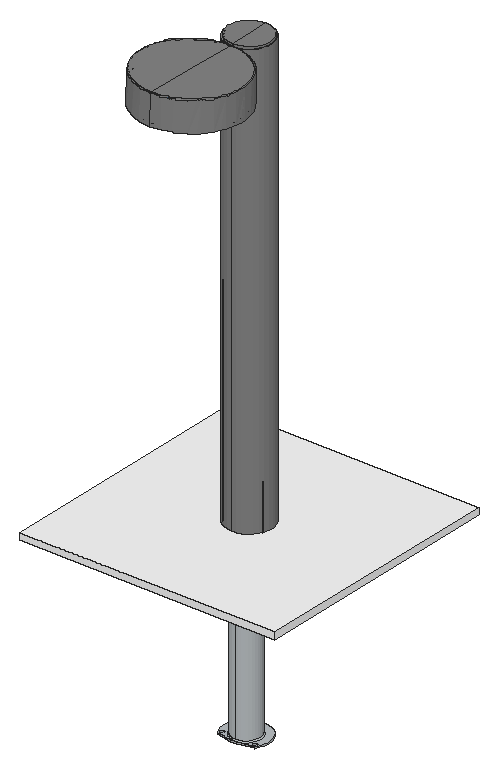
Revit family "BE_77218_de_DE", category Leuchten, Revit 2020
Family settings
  Basisbauteil = Fläche
  Bemaßung runder Anschluss = Durchmesser verwenden
  Teiletyp = Normal
  Beim Laden mit Abzugskörper schneiden = Ja
  Lichtquelle = Ja
  Gemeinsam genutzt = Nein
  Raumberechnungspunkt = Ja
Parameters (values of type "BEGA_77218_Grafit_K3")
  built-in parameter 1150104 = 10.452 (stored number, unit not read)
  Wattage = 6.4 W
  Default Elevation = 0 mm
  built-in parameter 1150113 = 1 (stored number, unit not read)
  built-in parameter 1114218 = 1 (stored number, unit not read)
  Umgebungstemperatur = "25 °C"
  URL = "https://www.bega.com/de/produkt/77218"
  Typenkommentare = "© 2022 BEGA. Wir behalten uns das Recht vor, technische Änderungen ohne vorherige Ankündigung vorzunehmen."  # constant formula
  Type Image = 77218.png
  built-in parameter 1150134 = (empty or 0)
  built-in parameter 1150109 = 1 (stored number, unit not read)
  Strom = ""
  built-in parameter 1150110 = 1 (stored number, unit not read)
  Spannung = 239.996 V
  Sonderanfertigung = no
  Seriennummer [instance] = "Hier können Sie die eindeutige Seriennummer für das Facility Management eintragen."
  Schutzklasse = "I"
  Schutzart = "IP 65"
  Scheinlast = 0 VA
  Produktdatenblatt = "https://cdn.bega.com/bega/products/77218K3/current/documents/data-sheets/de"
  Oberflächentemperatur = ""
  Neigungswinkel = 0.00°
  Modell = "77218K3"
  Material_18 = BEGA_Gummi_schwarz
  Material_17 = BEGA_Reflektor
  Material_15 = BEGA_Leuchtmedium_matt
  Material_13 = BEGA_Kunststoff_matt
  Material_11 = BEGA_Glas_opal
  Material_09 = BEGA_Glas_klar
  Material_08 = BEGA_Oberfläche_Stahl_verzinkt
  Material_06 = BEGA_Oberfläche_Edelstahl_gebürstet
  Material_03 = BEGA_Oberfläche_Weiss_matt
  Material_02 = BEGA_Oberfläche_Silber_matt
  Material_01 [instance] = BEGA_Oberfläche_Grafit_matt
  M_G = yes
  M_A = no
  Logo = 0
  built-in parameter 1114217 = 1 (stored number, unit not read)
  built-in parameter 1150139 = (empty or 0)
  built-in parameter 1150105 = 57.296 (stored number, unit not read)
  built-in parameter 1150114 = 1 (stored number, unit not read)
  Lumens = 720 lm
  built-in parameter 1150115 = 1 (stored number, unit not read)
  Leuchtenlichtstrom = "365 lm"
  Leuchtenanzahl = ""
  Lebensdauerkriterien = "L70B50 @ 25 °C = 200000 h"
  Lastklassifizierung = Beleuchtung
  built-in parameter 1150112 = 1 (stored number, unit not read)
  Lampenlichtstrom = "760 lm"
  Lampe = "LED 3.8 W"
  LED_Modulbezeichnung = "2x LED-0181/830"
  built-in parameter 1150142 = (empty or 0)
  Hersteller = "BEGA"  # constant formula
  Halbstreuwinkel = ""
  Gewicht = "2.95 kg"
  Gebrauchslageneinschränkung [instance] = ""
  Frequenz = "0/50-60 Hz"
  Farbwiedergabeindex = "CRI > 80"
  Farbtemperaturverschiebung bei Dämpfen der Lampe = <Keine Auswahl>
  Farbtemperatur = "3000 K"
  Color Filter = 16777215
  built-in parameter 1150133 = 10 (stored number, unit not read)
  Energieeffizienzklasse = "LED A++ - A"
  built-in parameter 1150137 = (empty or 0)
  built-in parameter 1150132 = (empty or 0)
  ENEC = "ja"
  Dimmbar [instance] = "on/off"
  Datei für fotometrisches Netz = "BE_77218K3.IES"
  CE_Konformität = "ja"
  Bestellnummer = "77218K3"
  Beschreibung_Sonderanfertigung = "Hier können Sie Informationen zur Sonderanfertigung eintragen."
  Beschreibung = "Garten- und Wegeleuchte"
  built-in parameter 1150106 = 0.57296 (stored number, unit not read)
  Befestigungsbohrung = ""
  Befestigungsabstand = ""
  Ballwurfsicher = ""
  BEGA_Intern_aus = yes
  BEGA_Intern_an = yes
  BEGA_Intern_Konstruktion = yes
  BEGA_Intern = yes
  BEGA_IES = yes
  BEGA_Dummy = no
  Anschlussleitung = ""
  Anschlussleistung [instance] = "4.9 W"
  built-in parameter 1150107 = 3000 (stored number, unit not read)
  built-in parameter 1150102 = (empty or 0)
  built-in parameter 1150138 = (empty or 0)
  Aktualisierung = "2022-05-19T04:00:07"
  Abstand_zur_angestrahlten_Fläche [instance] = ""
  AC/DC = "AC/DC"
Types (2, lengths in mm): name | Modell | M_G | M_A | Bestellnummer
  BEGA_77218_Silber_K3 | "77218AK3" | no | yes | "77218AK3"
  BEGA_77218_Grafit_K3 | "77218K3" | yes | no | "77218K3"
Reference planes
  plane 1 "Mitte (Vorne/Hinten)": y = 0
  plane 2: z = 0
  plane 3 "Mitte (Links/Rechts)": x = 0
  plane 4 "Links": x = -80.009
  plane 5 "Rechts": x = 80.009
  plane 6 "Unten": y = -195.121
  plane 7 "Oben": y = 35.008
  plane 8 "Vorne": z = 686.75
  plane 9 "Hinten": z = 0
Forms (mm)
  Extrusion 1, solid, material "BEGA_Platte_Weiss"
    sketch origin (0, -1119.2, 0) x (1, 0, 0) y (0, 1, 0)
      loop
        line (-200, 1319.2) -> (-200, 919.2) -> (200, 919.2) -> (200, 1319.2) -> (-200, 1319.2)
    from 0 to -10
  Extrusion 2, solid, material "BEGA_Dummy_matt", visible <- "BEGA_Dummy"
    sketch origin (80.095, -76.023, 0) x (1, 0, 0) y (0, 1, 0)
      loop
        line (-160.105, 111.031) -> (-160.105, -119.098) -> (-0.086, -119.098) -> (-0.086, 111.031) -> (-160.105, 111.031)
    from 0 to 686.75
Dimensions and locks
  plane 1 "Mitte (Vorne/Hinten)" to Extrusion 1 = 200 mm
  aligned and locked: plane 2 to Extrusion 1
  aligned and locked: level to Extrusion 1
Nested families
  nested 1: "BE_77218" at (0, 0, 0) x (0, -1, 0) z (0, 0, 1), type "BE_77218"
Connectors
  electrical at (0, 0, 0), driven by "Lastklassifizierung", driven by "Spannung", driven by "Scheinlast"
    settings: index 1, voltage 239.996 V, apparent load 0 VA, apparent load phase1 0 VA, apparent load phase2 0 VA, apparent load phase3 0 VA, power factor 1, load classification "Beleuchtung", number of poles 1, system type 31, power factor state 1, is connector primary yes, connector utility no, sub classification motor no, connector description ""
Definition of nested family "BE_77218"
  Parameters (values of type "BE_77218")
    Default Elevation = 1 mm
    URL = "http://www.bega.de/de/produkt"
    Type Comments = "© 2015 BEGA. Wir behalten uns das Recht vor, technische Änderungen ohne vorherige Ankündigung vorzunehmen. "  # constant formula
    Type Image = (empty or 0)
    Material_18 = none
    Material_17 = none
    Material_15 = none
    Material_13 = none
    Material_11 = none
    Material_09 = none
    Material_08 = none
    Material_06 = none
    Material_03 = none
    Material_02 = none
    Material_01 = none
    M_W = yes
    M_G = yes
    M_A = yes
    Länge_Platte = 200 mm  # constant formula
    Höhe_Platte = -10 mm  # constant formula
    Manufacturer = "BEGA"  # constant formula
    Breite_Platte = 200 mm  # constant formula
  Reference planes
    plane 1 "Mitte (Oben/Unten)": y = 0
    plane 2: z = 0
    plane 3 "Mitte (Links/Rechts)": x = 0
    plane 4: x = -35.008
    plane 5: z = -300
    plane 6: z = 686.75
    plane 7: x = 195.121
    plane 8: y = -80.009
    plane 9: y = 80.009
  Forms (mm)
    Extrusion 1, solid, detail levels medium
      sketch origin (0, 0, 0) x (1, 0, 0) y (0, 1, 0)
        loop
          line (-100, 100) -> (-100, -100) -> (100, -100) -> (100, 100) -> (-100, 100)
      from 0 to -10 <- "Höhe_Platte"
    Revolve 2, solid, material <- "Material_08", detail levels medium+fine
      sketch origin (0, 0, 0) x (1, 0, 0) y (0, 0, 1)
        loop
          line (-13.1, -298.5) -> (-13.1, 113.5) -> (-15.1, 113.5) -> (-15.1, -298.5) -> (-13.1, -298.5)
        axis (6, -298.5) -> (6, 113.5)
      angle from 0 to 360
    Revolve 3, solid, material <- "Material_08", detail levels medium+fine
      sketch origin (0, 0, 0) x (1, 0, 0) y (0, 0, 1)
        loop
          line (-16.928, -298) -> (-29, -298) -> (-29, -300) -> (-17.127, -300)
          arc (-17.127, -300) -> (-15.987, -299.72) -> (-15.1, -298.951) r 2.5
          line (-15.1, -298.951) -> (-15.1, -296.172) -> (-16.928, -298)
        axis (6, -296.172) -> (6, -300)
      angle from 0 to 360
    Extrusion 4, void
      sketch origin (0, 0, 0) x (1, 0, 0) y (0, 1, 0)
        loop
          line (25.787, 28.87) -> (30.128, 4.254)
          arc (30.128, 4.254) -> (30.5, 0) -> (30.128, -4.254) r 24.5
          line (30.128, -4.254) -> (25.787, -28.87)
          arc (25.787, -28.87) -> (36.964, -16.316) -> (41, 0) r 35
          arc (41, 0) -> (36.964, 16.316) -> (25.787, 28.87) r 35
      from -294.099 to -302
    Extrusion 5, void
      sketch origin (0, 0, 0) x (1, 0, 0) y (0, 1, 0)
        loop
          circle (21, 25.981) r 2.75
        loop
          circle (-24, 0) r 2.75
        loop
          circle (21, -25.981) r 2.75
      from -296.942 to -301.06
    Revolve 6, solid, material <- "Material_01", visible <- "M_G", detail levels medium+fine
      sketch origin (0, 0, 0) x (1, 0, 0) y (0, 0, 1)
        loop
          line (-35.013, 682) -> (-35, 0) -> (-32, 0) -> (-31.73, 682) -> (-35.013, 682)
        axis (0, 0) -> (0, 682)
      angle from 0 to 360
    Revolve 7, solid, material <- "Material_01", visible <- "M_G", detail levels medium+fine
      sketch origin (0, 0, 0) x (1, 0, 0) y (0, 0, 1)
        loop
          line (-33.09, 685) -> (-33.09, 682) -> (0, 682) -> (0, 685) -> (-33.09, 685)
        axis (0, 685) -> (0, 682)
      angle from 0 to 360
    Revolve 8, solid, material <- "Material_01", visible <- "M_G", detail levels medium+fine
      sketch origin (0, 0, 0) x (1, 0, 0) y (0, 0, 1)
        loop
          line (114.313, 685.386) -> (114.971, 647.691) -> (119.47, 647.77) -> (119.986, 677.353)
          arc (119.986, 677.353) -> (120.567, 678.727) -> (121.936, 679.318) r 2
          line (121.936, 679.318) -> (186.664, 680.448) -> (188.074, 648.167) -> (192.225, 648.24) -> (192.521, 639.744) -> (195.121, 639.789) -> (193.515, 685.785)
          arc (193.515, 685.785) -> (193.204, 686.476) -> (192.498, 686.75) r 1
          line (192.498, 686.75) -> (114.313, 685.386)
        axis (114.313, 685.386) -> (115.133, 638.393)
      angle from 0 to 360
    Extrusion 9, solid, material <- "Material_01", visible <- "M_G", detail levels medium+fine
      sketch origin (0, 0, 0) x (1, 0, 0) y (0, 1, 0)
        loop
          line (37.664, 12.5) -> (31.41, 12.5)
          arc (31.41, 12.5) -> (33.806, 0) -> (31.41, -12.5) r 33.806
          line (31.41, -12.5) -> (37.664, -12.5)
          arc (37.664, -12.5) -> (36.662, 0) -> (37.664, 12.5) r 78.456
      from 637.255 to 677.5
    Revolve 10, solid, material <- "Material_13", detail levels medium+fine
      sketch origin (0, 0, 0) x (1, 0, 0) y (0, 0, 1)
        loop
          line (39.189, 638.738) -> (110.47, 638.116) -> (110.553, 642.914) -> (112.369, 642.945) -> (112.176, 646.643) -> (105.758, 646.531) -> (105.22, 643.137) -> (43.129, 643.703) -> (38.162, 641.797) -> (38.198, 639.734)
          arc (38.198, 639.734) -> (38.489, 639.033) -> (39.189, 638.738) r 1
        axis (114.988, 646.692) -> (115.137, 638.197)
      angle from 0 to 360
    Revolve 11, solid, material <- "Material_06", detail levels fine
      sketch origin (0, 0, 0) x (1, 0, 0) y (0, 0, 1)
        loop
          arc (110.882, 638.419) -> (111.035, 638.068) -> (111.391, 637.928) r 0.5
          line (111.391, 637.928) -> (115.14, 637.993) -> (114.722, 661.917)
          arc (114.722, 661.917) -> (114.106, 661.762) -> (113.621, 661.35) r 1.4
          line (113.621, 661.35) -> (112.264, 659.516) -> (112.553, 642.949) -> (110.803, 642.918) -> (110.882, 638.419)
        axis (114.722, 661.917) -> (115.14, 637.993)
      angle from 0 to 360
    Revolve 12, void
      sketch origin (0, 0, 0) x (1, 0, 0) y (0, 0, 1)
        loop
          line (-32.182, 89) -> (-36.21, 89) -> (-36.21, 85) -> (-32.182, 85) -> (-32.182, 89)
        axis (-36.21, 85) -> (-32.182, 85)
      angle from 0 to 360
    Revolve 13, void
      sketch origin (0, 0, -50) x (1, 0, 0) y (0, 0, 1)
        loop
          line (-32.182, 89) -> (-36.21, 89) -> (-36.21, 85) -> (-32.182, 85) -> (-32.182, 89)
        axis (-36.21, 85) -> (-32.182, 85)
      angle from 0 to 360
    Revolve 14, solid, material <- "Material_06", detail levels fine
      sketch origin (0, 0, 0) x (1, 0, 0) y (0, 0, 1)
        loop
          line (-32.182, 89) -> (-34.8, 89) -> (-34.8, 85) -> (-15.1, 85) -> (-15.1, 88) -> (-32.182, 88) -> (-32.182, 89)
        axis (-34.8, 85) -> (-15.1, 85)
      angle from 0 to 360
    Revolve 15, solid, material <- "Material_02", visible <- "M_A", detail levels medium+fine
      sketch origin (0, 0, 0) x (1, 0, 0) y (0, 0, 1)
        loop
          line (-35.013, 682) -> (-35, 0) -> (-32, 0) -> (-31.73, 682) -> (-35.013, 682)
        axis (0, 0) -> (0, 682)
      angle from 0 to 360
    Revolve 16, solid, material <- "Material_02", visible <- "M_A", detail levels medium+fine
      sketch origin (0, 0, 0) x (1, 0, 0) y (0, 0, 1)
        loop
          line (-33.09, 685) -> (-33.09, 682) -> (0, 682) -> (0, 685) -> (-33.09, 685)
        axis (0, 685) -> (0, 682)
      angle from 0 to 360
    Revolve 17, solid, material <- "Material_02", visible <- "M_A", detail levels medium+fine
      sketch origin (0, 0, 0) x (1, 0, 0) y (0, 0, 1)
        loop
          line (114.313, 685.386) -> (114.971, 647.691) -> (119.47, 647.77) -> (119.986, 677.353)
          arc (119.986, 677.353) -> (120.567, 678.727) -> (121.936, 679.318) r 2
          line (121.936, 679.318) -> (186.664, 680.448) -> (188.074, 648.167) -> (192.225, 648.24) -> (192.521, 639.744) -> (195.121, 639.789) -> (193.515, 685.785)
          arc (193.515, 685.785) -> (193.204, 686.476) -> (192.498, 686.75) r 1
          line (192.498, 686.75) -> (114.313, 685.386)
        axis (114.313, 685.386) -> (115.133, 638.393)
      angle from 0 to 360
    Extrusion 18, solid, material <- "Material_02", visible <- "M_A", detail levels medium+fine
      sketch origin (0, 0, 0) x (1, 0, 0) y (0, 1, 0)
        loop
          line (37.664, 12.5) -> (31.41, 12.5)
          arc (31.41, 12.5) -> (33.806, 0) -> (31.41, -12.5) r 33.806
          line (31.41, -12.5) -> (37.664, -12.5)
          arc (37.664, -12.5) -> (36.662, 0) -> (37.664, 12.5) r 78.456
      from 637.255 to 677.5
    Revolve 19, solid, material <- "Material_06", detail levels fine
      sketch origin (0, 0, -50) x (1, 0, 0) y (0, 0, 1)
        loop
          line (-32.182, 89) -> (-34.8, 89) -> (-34.8, 85) -> (-15.1, 85) -> (-15.1, 88) -> (-32.182, 88) -> (-32.182, 89)
        axis (-34.8, 85) -> (-15.1, 85)
      angle from 0 to 360
  Cuts and joins
    Extrusion 4, Extrusion 5 cuts Revolve 3
    joined: Revolve 2, Revolve 3
    Revolve 12, Revolve 13 cuts Revolve 6
    Revolve 12, Revolve 13 cuts Revolve 7
    joined: Revolve 6, Revolve 7
    joined: Revolve 8, Extrusion 9
    Revolve 12, Revolve 13 cuts Revolve 15
    joined: Revolve 15, Revolve 16
    joined: Revolve 17, Extrusion 18
  Dimensions and locks
    equal spacing: Extrusion 1 sketch curve, plane 3 "Mitte (Links/Rechts)", Extrusion 1 sketch curve
    equal spacing: Extrusion 1 sketch curve, plane 1 "Mitte (Oben/Unten)", Extrusion 1 sketch curve
    "Länge_Platte": Extrusion 1 sketch curve to Extrusion 1 sketch curve
    "Breite_Platte": Extrusion 1 sketch curve to Extrusion 1 sketch curve
    plane 5 to cut or joined group of Revolve 2, Revolve 3, Extrusion 4, Extrusion 5 = 1.5 mm
    aligned and locked: Extrusion 1 to plane 2
    aligned and locked: level to Extrusion 1
  Automatic sketch dimensions
    Revolve 2 sketch curve to plane 5 = 1.5 mm
    Revolve 2 sketch curve to plane 3 "Mitte (Links/Rechts)" = 15.1 mm
    Revolve 2 sketch curve to Revolve 2 sketch curve = 2 mm
    level to Revolve 2 sketch curve = 113.5 mm
    plane 3 "Mitte (Links/Rechts)" to Revolve 2 sketch curve = 6 mm
    Revolve 2 sketch curve to plane 5 = 51.5 mm
    Revolve 2 sketch curve to Revolve 2 sketch curve = 55 mm
    Revolve 3 sketch curve to plane 5 = 0 mm
    Revolve 3 sketch curve to plane 5 = 2 mm
    plane 4 to Revolve 3 sketch curve = 6.008 mm
    Revolve 3 sketch curve to plane 5 = 2.5 mm
    Revolve 3 sketch curve to Revolve 3 sketch curve = 11.865 mm
    Revolve 3 sketch curve to Revolve 3 sketch curve = 0.009 mm
    Revolve 3 sketch curve to Revolve 3 sketch curve = 0.207 mm
    Revolve 3 sketch curve to Revolve 3 sketch curve = 2.036 mm
    Revolve 3 sketch curve to Revolve 3 sketch curve = 1.328 mm
    plane 3 "Mitte (Links/Rechts)" to Revolve 3 sketch curve = 6 mm
    plane 5 to Revolve 3 sketch curve = 6.061 mm
    Revolve 3 sketch curve to plane 5 = 8.939 mm
    Extrusion 4 sketch curve to Extrusion 4 sketch curve = 0 mm  (x8)
    plane 1 "Mitte (Oben/Unten)" to Extrusion 4 sketch curve = 0 mm
    plane 3 "Mitte (Links/Rechts)" to Extrusion 4 sketch curve = 6 mm
    plane 3 "Mitte (Links/Rechts)" to Extrusion 4 sketch curve = 25.787 mm  (x2)
    plane 1 "Mitte (Oben/Unten)" to Extrusion 4 sketch curve = 28.87 mm
    plane 1 "Mitte (Oben/Unten)" to Extrusion 4 sketch curve = 4.254 mm  (x2)
    Extrusion 4 sketch curve to Extrusion 4 sketch curve = 10.872 mm
    Extrusion 4 sketch curve to plane 1 "Mitte (Oben/Unten)" = 4.254 mm  (x2)
    Revolve 6 sketch curve to level = 0 mm
    Revolve 6 sketch curve to plane 3 "Mitte (Links/Rechts)" = 0 mm
    plane 4 to Revolve 6 sketch curve = 3.278 mm
    plane 4 to Revolve 6 sketch curve = 3.008 mm
    plane 4 to Revolve 6 sketch curve = 0.008 mm
    Revolve 6 sketch curve to plane 4 = 0.006 mm
    plane 6 to Revolve 6 sketch curve = 4.75 mm
    Revolve 6 sketch curve to Revolve 6 sketch curve = 300 mm
    Revolve 6 sketch curve to Revolve 6 sketch curve = 80 mm
    Revolve 7 sketch curve to plane 3 "Mitte (Links/Rechts)" = 0 mm  (x2)
    plane 4 to Revolve 7 sketch curve = 1.917 mm
    plane 6 to Revolve 7 sketch curve = 4.75 mm
    plane 6 to Revolve 7 sketch curve = 1.75 mm
    Revolve 7 sketch curve to Revolve 7 sketch curve = 1.5 mm
    Revolve 7 sketch curve to Revolve 7 sketch curve = 0 mm
    Revolve 8 sketch curve to plane 6 = 0 mm  (x2)
    plane 7 to Revolve 8 sketch curve = 0 mm
    plane 6 to Revolve 8 sketch curve = 0.966 mm
    plane 7 to Revolve 8 sketch curve = 1.606 mm
    plane 7 to Revolve 8 sketch curve = 2.6 mm
    Revolve 8 sketch curve to Revolve 8 sketch curve = 0.999 mm
    plane 7 to Revolve 8 sketch curve = 2.896 mm
    Revolve 8 sketch curve to Revolve 8 sketch curve = 4.151 mm
    Revolve 8 sketch curve to Revolve 8 sketch curve = 5.851 mm
    plane 6 to Revolve 8 sketch curve = 9.432 mm
    Revolve 8 sketch curve to Revolve 8 sketch curve = 64.678 mm
    plane 6 to Revolve 8 sketch curve = 7.433 mm
    Revolve 8 sketch curve to Revolve 8 sketch curve = 0.05 mm
    Revolve 8 sketch curve to Revolve 8 sketch curve = 2.516 mm
    plane 6 to Revolve 8 sketch curve = 39.059 mm  (x2)
    Revolve 8 sketch curve to Revolve 8 sketch curve = 4.499 mm
    plane 6 to Revolve 8 sketch curve = 1.365 mm  (x2)
    Revolve 8 sketch curve to Revolve 8 sketch curve = 7.623 mm
    Revolve 8 sketch curve to Revolve 8 sketch curve = 45.995 mm
    Revolve 8 sketch curve to Revolve 8 sketch curve = 0.045 mm
    Revolve 8 sketch curve to Revolve 8 sketch curve = 0.079 mm
    Revolve 8 sketch curve to Revolve 8 sketch curve = 8.424 mm
    Revolve 8 sketch curve to Revolve 8 sketch curve = 0.073 mm
    plane 6 to Revolve 8 sketch curve = 6.303 mm
    Revolve 8 sketch curve to Revolve 8 sketch curve = 0.034 mm
    Revolve 8 sketch curve to Revolve 8 sketch curve = 0 mm  (x4)
    Revolve 8 sketch curve to Revolve 8 sketch curve = 2 mm
    plane 6 to Revolve 8 sketch curve = 9.397 mm
    plane 1 "Mitte (Oben/Unten)" to Extrusion 9 sketch curve = 0 mm  (x2)
    Extrusion 9 sketch curve to plane 3 "Mitte (Links/Rechts)" = 0 mm
    plane 1 "Mitte (Oben/Unten)" to Extrusion 9 sketch curve = 12.5 mm
    plane 3 "Mitte (Links/Rechts)" to Extrusion 9 sketch curve = 31.41 mm
    Extrusion 9 sketch curve to plane 1 "Mitte (Oben/Unten)" = 12.5 mm
    Extrusion 9 sketch curve to Extrusion 9 sketch curve = 6.254 mm
    Extrusion 9 sketch curve to Extrusion 9 sketch curve = 77.454 mm
    Extrusion 9 sketch curve to Extrusion 9 sketch curve = 0 mm
    plane 3 "Mitte (Links/Rechts)" to Revolve 10 sketch curve = 38.162 mm
    Revolve 10 sketch curve to Revolve 10 sketch curve = 0.036 mm
    Revolve 10 sketch curve to Revolve 10 sketch curve = 1 mm
    Revolve 10 sketch curve to Revolve 10 sketch curve = 4.967 mm
    plane 6 to Revolve 10 sketch curve = 43.613 mm
    Revolve 10 sketch curve to Revolve 10 sketch curve = 62.091 mm
    plane 6 to Revolve 10 sketch curve = 40.22 mm
    Revolve 10 sketch curve to Revolve 10 sketch curve = 0.538 mm
    Revolve 10 sketch curve to Revolve 10 sketch curve = 5.25 mm
    Revolve 10 sketch curve to Revolve 10 sketch curve = 0.084 mm
    plane 6 to Revolve 10 sketch curve = 40.108 mm
    Revolve 10 sketch curve to Revolve 10 sketch curve = 1.622 mm
    Revolve 10 sketch curve to Revolve 10 sketch curve = 1.816 mm
    Revolve 10 sketch curve to Revolve 10 sketch curve = 3.697 mm
    Revolve 10 sketch curve to Revolve 10 sketch curve = 0.032 mm
    plane 6 to Revolve 10 sketch curve = 44.954 mm
    Revolve 10 sketch curve to Revolve 10 sketch curve = 2.059 mm
    Revolve 10 sketch curve to Revolve 10 sketch curve = 0.004 mm
    Revolve 10 sketch curve to Revolve 10 sketch curve = 4.798 mm
    Revolve 10 sketch curve to Revolve 10 sketch curve = 1.907 mm
    Revolve 10 sketch curve to Revolve 10 sketch curve = 0.009 mm
    Revolve 10 sketch curve to Revolve 10 sketch curve = 0 mm  (x2)
    plane 6 to Revolve 10 sketch curve = 3.483 mm
    Revolve 10 sketch curve to Revolve 10 sketch curve = 2.174 mm
    Revolve 10 sketch curve to Revolve 10 sketch curve = 4.718 mm
    Revolve 10 sketch curve to Revolve 10 sketch curve = 2.861 mm
    plane 7 to Revolve 11 sketch curve = 84.317 mm
    Revolve 11 sketch curve to Revolve 11 sketch curve = 0.578 mm
    plane 6 to Revolve 11 sketch curve = 27.235 mm
    Revolve 11 sketch curve to Revolve 11 sketch curve = 1.46 mm
    Revolve 11 sketch curve to Revolve 11 sketch curve = 1.75 mm
    plane 6 to Revolve 11 sketch curve = 24.833 mm
    Revolve 11 sketch curve to Revolve 11 sketch curve = 2.459 mm
    Revolve 11 sketch curve to Revolve 11 sketch curve = 0.024 mm
    Revolve 11 sketch curve to Revolve 11 sketch curve = 3.758 mm
    Revolve 11 sketch curve to Revolve 11 sketch curve = 16.567 mm
    Revolve 11 sketch curve to Revolve 11 sketch curve = 0.031 mm
    Revolve 11 sketch curve to Revolve 11 sketch curve = 4.491 mm
    Revolve 11 sketch curve to Revolve 11 sketch curve = 0.435 mm
    Revolve 11 sketch curve to Revolve 11 sketch curve = 1.4 mm
    Revolve 11 sketch curve to Revolve 11 sketch curve = 0.5 mm
    Revolve 11 sketch curve to Revolve 11 sketch curve = 0 mm  (x7)
    Revolve 11 sketch curve to Revolve 11 sketch curve = 0.009 mm  (x2)
    plane 6 to Revolve 11 sketch curve = 25.4 mm
    Revolve 11 sketch curve to Revolve 11 sketch curve = 1.101 mm
    Revolve 11 sketch curve to Revolve 11 sketch curve = 2.478 mm
    Revolve 11 sketch curve to Revolve 11 sketch curve = 1.27 mm
    Revolve 12 sketch curve to plane 4 = 1.203 mm
    plane 4 to Revolve 12 sketch curve = 2.826 mm
    level to Revolve 12 sketch curve = 85 mm
    Revolve 12 sketch curve to Revolve 12 sketch curve = 4 mm
    Revolve 12 sketch curve to Revolve 12 sketch curve = 0 mm  (x2)
    Revolve 12 sketch curve to Revolve 12 sketch curve = 1.318 mm
    Revolve 13 sketch curve to plane 4 = 1.203 mm
    plane 4 to Revolve 13 sketch curve = 2.826 mm
    level to Revolve 13 sketch curve = 35 mm
    Revolve 13 sketch curve to Revolve 13 sketch curve = 4 mm
    Revolve 13 sketch curve to Revolve 13 sketch curve = 0 mm  (x2)
    Revolve 13 sketch curve to Revolve 13 sketch curve = 1.318 mm
    plane 4 to Revolve 14 sketch curve = 0.207 mm
    Revolve 14 sketch curve to Revolve 14 sketch curve = 2.618 mm  (x2)
    Revolve 14 sketch curve to plane 3 "Mitte (Links/Rechts)" = 15.1 mm
    level to Revolve 14 sketch curve = 85 mm
    Revolve 14 sketch curve to Revolve 14 sketch curve = 3 mm
    Revolve 14 sketch curve to Revolve 14 sketch curve = 1 mm
    Revolve 14 sketch curve to Revolve 14 sketch curve = 0 mm  (x2)
    Revolve 15 sketch curve to level = 0 mm
    Revolve 15 sketch curve to plane 3 "Mitte (Links/Rechts)" = 0 mm
    plane 4 to Revolve 15 sketch curve = 3.278 mm
    plane 4 to Revolve 15 sketch curve = 3.008 mm
    plane 4 to Revolve 15 sketch curve = 0.008 mm
    Revolve 15 sketch curve to plane 4 = 0.006 mm
    plane 6 to Revolve 15 sketch curve = 4.75 mm
    Revolve 15 sketch curve to Revolve 15 sketch curve = 300 mm
    Revolve 15 sketch curve to Revolve 15 sketch curve = 80 mm
    Revolve 16 sketch curve to plane 3 "Mitte (Links/Rechts)" = 0 mm  (x2)
    plane 4 to Revolve 16 sketch curve = 1.917 mm
    plane 6 to Revolve 16 sketch curve = 4.75 mm
    plane 6 to Revolve 16 sketch curve = 1.75 mm
    Revolve 16 sketch curve to Revolve 16 sketch curve = 1.5 mm
    Revolve 16 sketch curve to Revolve 16 sketch curve = 0 mm
    Revolve 17 sketch curve to plane 6 = 0 mm  (x2)
    plane 7 to Revolve 17 sketch curve = 0 mm
    plane 6 to Revolve 17 sketch curve = 0.966 mm
    plane 7 to Revolve 17 sketch curve = 1.606 mm
    plane 7 to Revolve 17 sketch curve = 2.6 mm
    Revolve 17 sketch curve to Revolve 17 sketch curve = 0.999 mm
    plane 7 to Revolve 17 sketch curve = 2.896 mm
    Revolve 17 sketch curve to Revolve 17 sketch curve = 4.151 mm
    Revolve 17 sketch curve to Revolve 17 sketch curve = 5.851 mm
    plane 6 to Revolve 17 sketch curve = 9.432 mm
    Revolve 17 sketch curve to Revolve 17 sketch curve = 64.678 mm
    plane 6 to Revolve 17 sketch curve = 7.433 mm
    Revolve 17 sketch curve to Revolve 17 sketch curve = 0.05 mm
    Revolve 17 sketch curve to Revolve 17 sketch curve = 2.516 mm
    plane 6 to Revolve 17 sketch curve = 39.059 mm  (x2)
    Revolve 17 sketch curve to Revolve 17 sketch curve = 4.499 mm
    plane 6 to Revolve 17 sketch curve = 1.365 mm  (x2)
    Revolve 17 sketch curve to Revolve 17 sketch curve = 7.623 mm
    Revolve 17 sketch curve to Revolve 17 sketch curve = 45.995 mm
    Revolve 17 sketch curve to Revolve 17 sketch curve = 0.045 mm
    Revolve 17 sketch curve to Revolve 17 sketch curve = 0.079 mm
    Revolve 17 sketch curve to Revolve 17 sketch curve = 8.424 mm
    Revolve 17 sketch curve to Revolve 17 sketch curve = 0.073 mm
    plane 6 to Revolve 17 sketch curve = 6.303 mm
    Revolve 17 sketch curve to Revolve 17 sketch curve = 0.034 mm
    Revolve 17 sketch curve to Revolve 17 sketch curve = 0 mm  (x4)
    Revolve 17 sketch curve to Revolve 17 sketch curve = 2 mm
    plane 6 to Revolve 17 sketch curve = 9.397 mm
    plane 1 "Mitte (Oben/Unten)" to Extrusion 18 sketch curve = 0 mm  (x2)
    Extrusion 18 sketch curve to plane 3 "Mitte (Links/Rechts)" = 0 mm
    plane 1 "Mitte (Oben/Unten)" to Extrusion 18 sketch curve = 12.5 mm
    plane 3 "Mitte (Links/Rechts)" to Extrusion 18 sketch curve = 31.41 mm
    Extrusion 18 sketch curve to plane 1 "Mitte (Oben/Unten)" = 12.5 mm
    Extrusion 18 sketch curve to Extrusion 18 sketch curve = 6.254 mm
    Extrusion 18 sketch curve to Extrusion 18 sketch curve = 77.454 mm
    Extrusion 18 sketch curve to Extrusion 18 sketch curve = 0 mm
    plane 4 to Revolve 19 sketch curve = 0.207 mm
    Revolve 19 sketch curve to Revolve 19 sketch curve = 2.618 mm  (x2)
    Revolve 19 sketch curve to plane 3 "Mitte (Links/Rechts)" = 15.1 mm
    level to Revolve 19 sketch curve = 35 mm
    Revolve 19 sketch curve to Revolve 19 sketch curve = 3 mm
    Revolve 19 sketch curve to Revolve 19 sketch curve = 1 mm
    Revolve 19 sketch curve to Revolve 19 sketch curve = 0 mm  (x2)
